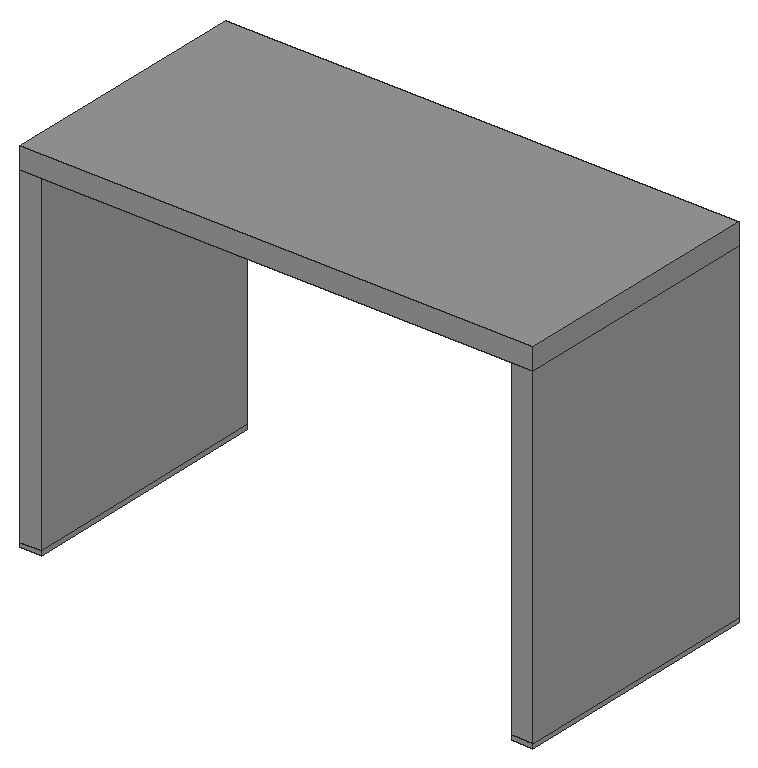
Revit family "Cocoon Community Table 30x60x42", category Generic Models, Revit 2018
Family settings
  Can host rebar = No
  Round Connector Dimension = Use Diameter
  Part Type = Normal
  Work Plane-Based = No
  Always vertical = Yes
  Cut with Voids When Loaded = No
  Shared = No
  Room Calculation Point = No
Parameters
  Frame = Cocoon Community Table 30x60x42 Frame
  Surface = Cocoon Community Table 30x60x42 Surface
Reference planes (in)
  plane 1 "Center (Front/Back)": y = 0
  plane 2: z = 0
  plane 3 "Center (Left/Right)": x = 0
Forms (in)
  Extrusion 1, solid, material "Cocoon Community Table 30x60x42 Frame" <- "Frame"
    sketch origin (0, 0, 0) x (1, 0, 0) y (0, 0, 1)
      loop
        line (-30, 0.5) -> (-30, 0) -> (-27.5, 0) -> (-27.5, 0.5) -> (-30, 0.5)
      loop
        line (30, 0.5) -> (27.5, 0.5) -> (27.5, 0) -> (30, 0) -> (30, 0.5)
    from -15 to 15
  Extrusion 2, solid, material "Cocoon Community Table 30x60x42 Surface" <- "Surface"
    sketch origin (0, 0, 13) x (1, 0, 0) y (0, 0, 1)
      loop
        line (-30, 29) -> (-30, 26.5) -> (30, 26.5) -> (30, 29) -> (-30, 29)
    from -15 to 15
  Extrusion 3, solid, material "Cocoon Community Table 30x60x42 Frame" <- "Frame"
    sketch origin (0, 0, 0) x (1, 0, 0) y (0, 0, 1)
      loop
        line (-30, 39.5) -> (-30, 0.5) -> (-27.5, 0.5) -> (-27.5, 39.5) -> (-30, 39.5)
      loop
        line (27.5, 39.5) -> (27.5, 0.5) -> (30, 0.5) -> (30, 39.5) -> (27.5, 39.5)
    from -15 to 15
Dimensions and locks (in)
  aligned and locked: level to plane 2
